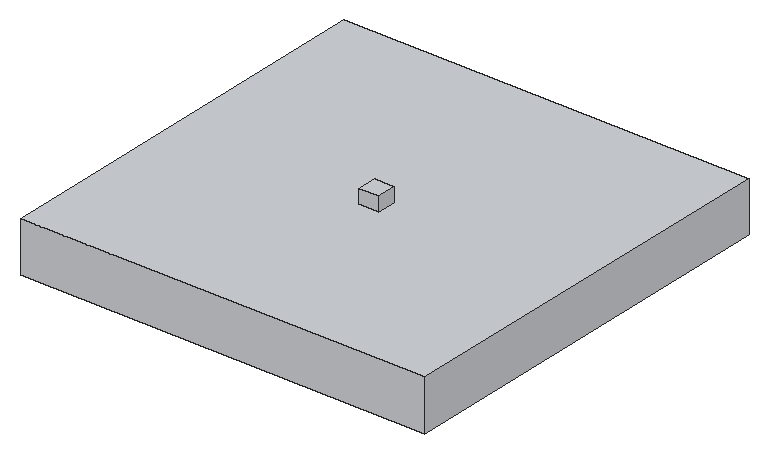
Revit family "M_Luz de zona da chamada de enfermeira", category Dispositivos de chamada de enfermeira, Revit 2019
Family settings
  Hospedeiro = Face
  Manter orientação da anotação = Sim
  Cota do conector redondo = Utilizar diâmetro
  Tipo de parte = Normal
  Número OmniClass = 23.85.30.24.14
  Título OmniClass = Nurse Call Systems
  ID de item do Seek = Nurse Call Zone Light-0000-CAN-ENU
  Corte com vazios quando carregada = Não
  Compartilhado = Não
  Ponto de cálculo do ambiente = Não
Parameters (values of type "Padrão")
  Legenda = "Z"
  Elevação-padrão = 1200 mm
  Largura = 116 mm
  Material = none
  Comprimento = 116 mm
  Altura = 84 mm
Reference planes
  plane 1 "Centro (Frente/Trás)": y = 0
  plane 2: z = 0
  plane 3 "Centro (Esquerda/Direita)": x = 0
  plane 4: y = -116
  plane 5: x = -58
  plane 6: x = 58
  plane 7: z = 84
Forms (mm)
  Extrusion 1, solid
    sketch origin (0, 0, 0) x (1, 0, 0) y (0, 1, 0)
      loop
        line (-1219.2, 1219.2) -> (-1219.2, -1219.2) -> (1219.2, -1219.2) -> (1219.2, 1219.2) -> (-1219.2, 1219.2)
    from 0 to -304.8
  Extrusion 2, solid, material <- "Material"
    sketch origin (0, 0, 0) x (1, 0, 0) y (0, 1, 0)
      loop
        line (-58, 0) -> (-58, -116) -> (58, -116) -> (58, 0) -> (-58, 0)
    from 0 to 84
Lines and regions (mm)
  symbolic lines, detail levels fine
    curve 1: line (58, 0, 84) -> (-58, 0, 84)
    curve 2: line (-58, 0, 84) -> (-58, 0, 0)
    curve 3: line (58, 0, 0) -> (58, 0, 84)
    curve 4: line (-58, 0, 0) -> (58, 0, 0)
Dimensions and locks
  equal spacing: plane 5, plane 3 "Centro (Esquerda/Direita)", plane 6
  "Comprimento": plane 5 to plane 6
  "Largura": plane 1 "Centro (Frente/Trás)" to plane 4
  "Altura": plane 7 to plane 2
  aligned and locked: plane 2 to Extrusion 1
  aligned and locked: level to Extrusion 1
  aligned and locked: plane 5 to Extrusion 2 sketch curve
  aligned and locked: plane 1 "Centro (Frente/Trás)" to Extrusion 2 sketch curve
  aligned and locked: plane 4 to Extrusion 2 sketch curve
  aligned and locked: Extrusion 2 sketch curve to plane 6
  aligned and locked: Extrusion 2 to plane 2
  aligned and locked: plane 1 "Centro (Frente/Trás)" to nested 1
  aligned and locked: plane 3 "Centro (Esquerda/Direita)" to nested 1
  aligned and locked: plane 7 to Extrusion 2
  aligned and locked: curve 1 to Extrusion 2
  aligned and locked: curve 2 to Extrusion 2
  aligned and locked: curve 3 to Extrusion 2
  aligned and locked: curve 4 to Extrusion 2
Automatic sketch dimensions
  Extrusion 1 sketch curve to Extrusion 1 sketch curve = 2438.4 mm  (x2)
Nested families
  nested 1: "M_Anotação da luz de zona da chamada de enfermeira" at (0, 0, 0), type "Anotação da luz de zona da chamada de enfermeira", detail levels coarse+medium
Connectors
  electrical at (0, -58, 0)
    settings: on Extrusion 2, index 1, voltage 0 V, apparent load 0 VA, apparent load phase1 0 VA, apparent load phase2 0 VA, apparent load phase3 0 VA, power factor 1, load classification "Outros", number of poles 1, system type 12, power factor state 1, is connector primary yes, connector utility no, sub classification motor no, connector description ""
Definition of nested family "M_Anotação da luz de zona da chamada de enfermeira"
  Parameters
    Anotação de legenda = "Z"
  Reference planes
    plane 1: y = 0
    plane 2: x = 0
  Lines and regions (mm)
    detail lines
      curve 1: circle (0, 1.588, 0) r 1.588 normal (0, 0, 1)
    reference lines
      curve 2: line (-13.453, 1.588, 0) -> (17.754, 1.587, 0)
  Text (mm)
    label "Z" at (-0.981, 1.507, 0), shows "Anotação de legenda"
  Dimensions and locks
    plane 1 to curve 2 = 1.588 mm
    radius of curve 1 = 1.588 mm
    aligned and locked: curve 2 to curve 1
    aligned and locked: plane 2 to curve 1
